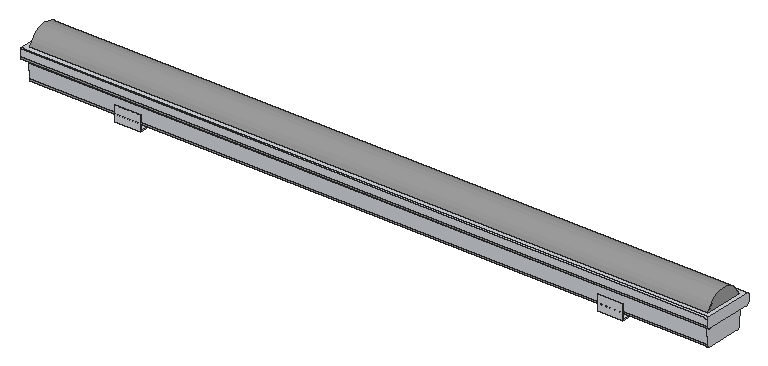
Revit family "0010224", category Lighting Fixtures, host Face, Revit 2018 (continued)
Types (60, lengths in mm): name | Weight | Wattage | TypeName | built-in parameter 1150134 | Photometric Web File | PowerFactor | PowerConsumption | NominalLength | Name | ModelReference | ModelNumber | Model | LuminousEfficacy | built-in parameter 1150105 | Lumens | LampNominalLuminous | LampMacAdamStep | LampColourTemperature | LENGHT_SYL | LENGHT_CHAMFER_SYL | LENGHT-_SYL | LENGHT-_CHAMFER_SYL | L0650_SYL | L1500_SYL | L1200_SYL | built-in parameter 1150107 | built-in parameter 1150106 | built-in parameter 1150104 | DocumentationLiterature | Description | BRACKET_WIDTH_SYL | BRACKET_DIST_SYL | Apparent Load
  0010215 RESISTO 1200 IP66 4800LM 840 QC | "1.61 kg" | 35 W | "Resisto  1200 IP66 4800lm 840 QC" | 12 | "0010215.ies" | 0.95 | "35 W" | 1212 | "Resisto  1200 IP66 4800lm 840 QC" | "Resisto  1200 IP66 4800lm 840 QC" | "0010215" | "Resisto  1200 IP66 4800lm 840 QC" | "137 lm/W" | 1583.6 (stored number, unit not read) | 4795 lm | "4800 lm" | "5" | "4000 K" | 592 | 600 | -592 | -600 | no | no | yes | 4000 (stored number, unit not read) | 15.836 (stored number, unit not read) | 12.728 (stored number, unit not read) | "http://www.sylvania-lighting.com/product/en-int/products/0010215" | "Resisto, integrated LED weatherproof luminaire, with UV stabilized flat diffuser designed to achieve uniform lit appearance, optimise light output and to reduce glare. 301 stainless steel diffuser clips and fixing brackets for surface mounting. Polycarbonate housing and diffuser - no yellow discolouration over time. 4800lm; 35W; 137lm/W; 4000K; SDCM<5; non dimmable; CRI80; IP66; IK08; Class I; 69,000hrs (L80B20) lifespan; 1200mm x 89mm x 88mm; D-mark; assembled with quick connector." | 400 | 444 | 35 VA
  0010214 RESISTO 1200 IP66 2800LM 840 QC | "1.57 kg" | 21 W | "Resisto  1200 IP66 2800lm 840 QC" | 12 | "0010214.ies" | 0.95 | "21 W" | 1212 | "Resisto  1200 IP66 2800lm 840 QC" | "Resisto  1200 IP66 2800lm 840 QC" | "0010214" | "Resisto  1200 IP66 2800lm 840 QC" | "133 lm/W" | 917.95 (stored number, unit not read) | 2793 lm | "2800 lm" | "5" | "4000 K" | 592 | 600 | -592 | -600 | no | no | yes | 4000 (stored number, unit not read) | 9.1795 (stored number, unit not read) | 12.356 (stored number, unit not read) | "http://www.sylvania-lighting.com/product/en-int/products/0010214" | "Resisto, integrated LED weatherproof luminaire, with UV stabilized flat diffuser designed to achieve uniform lit appearance, optimise light output and to reduce glare. 301 stainless steel diffuser clips and fixing brackets for surface mounting. Polycarbonate housing and diffuser - no yellow discolouration over time. 2800lm; 21W; 133lm/W; 4000K; SDCM<5; non dimmable; CRI80; IP66; IK08; Class I; 69,000hrs (L80B20) lifespan; 1200mm x 89mm x 88mm; D-mark; assembled with quick connector." | 400 | 444 | 21 VA
  0010213 RESISTO 1200 IP66 4800LM 865 | "1.54 kg" | 35 W | "Resisto  1200 IP66 4800lm 865" | 1 | "0010213.ies" | 0.95 | "35 W" | 1200 | "Resisto  1200 IP66 4800lm 865" | "Resisto  1200 IP66 4800lm 865" | "0010213" | "Resisto  1200 IP66 4800lm 865" | "137 lm/W" | 1583.6 (stored number, unit not read) | 4795 lm | "4800 lm" | "5" | "6500 K" | 592 | 600 | -592 | -600 | no | no | yes | 6500 (stored number, unit not read) | 15.836 (stored number, unit not read) | 12.728 (stored number, unit not read) | "http://www.sylvania-lighting.com/product/en-int/products/0010213" | "Resisto, integrated LED weatherproof luminaire, with UV stabilized flat diffuser designed to achieve uniform lit appearance, optimise light output and to reduce glare. 301 stainless steel diffuser clips and fixing brackets for surface mounting. Polycarbonate housing and diffuser - no yellow discolouration over time. 4800lm; 35W; 137lm/W; 6500K; SDCM<5; non dimmable; CRI80; IP66; IK08; Class I; 69,000hrs (L80B20) lifespan; 1200mm x 89mm x 88mm; D-mark." | 400 | 444 | 35 VA
  0010212 RESISTO 1200 IP66 2800LM 865 | "1.5 kg" | 21 W | "Resisto  1200 IP66 2800lm 865" | 1 | "0010212.ies" | 0.95 | "21 W" | 1200 | "Resisto  1200 IP66 2800lm 865" | "Resisto  1200 IP66 2800lm 865" | "0010212" | "Resisto  1200 IP66 2800lm 865" | "133 lm/W" | 917.95 (stored number, unit not read) | 2793 lm | "2800 lm" | "5" | "6500 K" | 592 | 600 | -592 | -600 | no | no | yes | 6500 (stored number, unit not read) | 9.1795 (stored number, unit not read) | 12.356 (stored number, unit not read) | "http://www.sylvania-lighting.com/product/en-int/products/0010212" | "Resisto, integrated LED weatherproof luminaire, with UV stabilized flat diffuser designed to achieve uniform lit appearance, optimise light output and to reduce glare. 301 stainless steel diffuser clips and fixing brackets for surface mounting. Polycarbonate housing and diffuser - no yellow discolouration over time. 2800lm; 21W; 133lm/W; 6500K; SDCM<5; non dimmable; CRI80; IP66; IK08; Class I; 69,000hrs (L80B20) lifespan; 1200mm x 89mm x 88mm; D-mark." | 400 | 444 | 21 VA
  0010211 RESISTO 1200 IP66 4800LM 840 | "11.88 kg" | 35 W | "Resisto  1200 IP66 4800lm 840" | 12 | "0010211.ies" | 0.95 | "35.0 W" | 1200 | "Resisto  1200 IP66 4800lm 840" | "Resisto  1200 IP66 4800lm 840" | "0010211" | "Resisto  1200 IP66 4800lm 840" | "137 lm/W" | -7601417.6 (stored number, unit not read) | 4795 lm | "4800 lm" | "5" | "4000 K" | 592 | 600 | -592 | -600 | no | no | yes | 4000 (stored number, unit not read) | -76014.2 (stored number, unit not read) | 12.728 (stored number, unit not read) | "http://www.sylvania-lighting.com/product/en-int/products/0010211" | "Resisto, integrated LED weatherproof luminaire, with UV stabilized flat diffuser designed to achieve uniform lit appearance, optimise light output and to reduce glare. 301 stainless steel diffuser clips and fixing brackets for surface mounting. Polycarbonate housing and diffuser - no yellow discolouration over time. 4800lm; 35W; 137lm/W; 4000K; SDCM<5; non dimmable; CRI80; IP66; IK08; Class I; 69,000hrs (L80B20) lifespan; 1200mm x 89mm x 88mm; D-mark." | 400 | 444 | 35 VA
  0010210 RESISTO 1200 IP66 2800LM 840 | "11.88 kg" | 21 W | "Resisto  1200 IP66 2800lm 840" | 12 | "0010210.ies" | 0.95 | "21.0 W" | 1200 | "Resisto  1200 IP66 2800lm 840" | "Resisto  1200 IP66 2800lm 840" | "0010210" | "Resisto  1200 IP66 2800lm 840" | "133 lm/W" | -2570258.2 (stored number, unit not read) | 2793 lm | "2800 lm" | "5" | "4000 K" | 592 | 600 | -592 | -600 | no | no | yes | 4000 (stored number, unit not read) | -25702.6 (stored number, unit not read) | 12.356 (stored number, unit not read) | "http://www.sylvania-lighting.com/product/en-int/products/0010210" | "Resisto, integrated LED weatherproof luminaire, with UV stabilized flat diffuser designed to achieve uniform lit appearance, optimise light output and to reduce glare. 301 stainless steel diffuser clips and fixing brackets for surface mounting. Polycarbonate housing and diffuser - no yellow discolouration over time. 2800lm; 21W; 133lm/W; 4000K; SDCM<5; non dimmable; CRI80; IP66; IK08; Class I; 69,000hrs (L80B20) lifespan; 1200mm x 89mm x 88mm; D-mark." | 400 | 444 | 21 VA
  0010209 RESISTO 1200 IP66 4800LM 830 | "1.54 kg" | 35 W | "Resisto  1200 IP66 4800lm 830" | (empty or 0) | "0010209.ies" | 0.95 | "35 W" | 1200 | "Resisto  1200 IP66 4800lm 830" | "Resisto  1200 IP66 4800lm 830" | "0010209" | "Resisto  1200 IP66 4800lm 830" | "137 lm/W" | 1583.6 (stored number, unit not read) | 4795 lm | "4800 lm" | "5" | "3000 K" | 592 | 600 | -592 | -600 | no | no | yes | 3000 (stored number, unit not read) | 15.836 (stored number, unit not read) | 12.728 (stored number, unit not read) | "http://www.sylvania-lighting.com/product/en-int/products/0010209" | "Resisto, integrated LED weatherproof luminaire, with UV stabilized flat diffuser designed to achieve uniform lit appearance, optimise light output and to reduce glare. 301 stainless steel diffuser clips and fixing brackets for surface mounting. Polycarbonate housing and diffuser - no yellow discolouration over time. 4800lm; 35W; 137lm/W; 3000K; SDCM<5; non dimmable; CRI80; IP66; IK08; Class I; 69,000hrs (L80B20) lifespan; 1200mm x 89mm x 88mm; D-mark." | 400 | 444 | 35 VA
  0010208 RESISTO 1200 IP66 2800LM 830 | "1.5 kg" | 21 W | "Resisto  1200 IP66 2800lm 830" | (empty or 0) | "0010208.ies" | 0.95 | "21 W" | 1200 | "Resisto  1200 IP66 2800lm 830" | "Resisto  1200 IP66 2800lm 830" | "0010208" | "Resisto  1200 IP66 2800lm 830" | "133 lm/W" | 917.95 (stored number, unit not read) | 2793 lm | "2800 lm" | "5" | "3000 K" | 592 | 600 | -592 | -600 | no | no | yes | 3000 (stored number, unit not read) | 9.1795 (stored number, unit not read) | 12.356 (stored number, unit not read) | "http://www.sylvania-lighting.com/product/en-int/products/0010208" | "Resisto, integrated LED weatherproof luminaire, with UV stabilized flat diffuser designed to achieve uniform lit appearance, optimise light output and to reduce glare. 301 stainless steel diffuser clips and fixing brackets for surface mounting. Polycarbonate housing and diffuser - no yellow discolouration over time. 2800lm; 21W; 133lm/W; 3000K; SDCM<5; non dimmable; CRI80; IP66; IK08; Class I; 69,000hrs (L80B20) lifespan; 1200mm x 89mm x 88mm; D-mark." | 400 | 444 | 21 VA
  0010207 RESISTO 600 HE IP66 2500LM 840 | "0.96 kg" | 16 W | "Resisto  600 HE IP66 2500lm 840" | 12 | "0010207.ies" | 0.95 | "16 W" | 650 | "Resisto  600 HE IP66 2500lm 840" | "Resisto  600 HE IP66 2500lm 840" | "0010207" | "Resisto  600 HE IP66 2500lm 840" | "156 lm/W" | 829.02 (stored number, unit not read) | 2496 lm | "2500 lm" | "3" | "4000 K" | 317 | 325 | -317 | -325 | yes | no | no | 4000 (stored number, unit not read) | 8.2902 (stored number, unit not read) | 14.493 (stored number, unit not read) | "http://www.sylvania-lighting.com/product/en-int/products/0010207" | "Resisto, integrated LED weatherproof luminaire, with UV stabilized flat diffuser designed to achieve uniform lit appearance, optimise light output and to reduce glare. 301 stainless steel diffuser clips and fixing brackets for surface mounting. Polycarbonate housing and diffuser - no yellow discolouration over time. 2500lm; 16W; 156lm/W; 4000K; SDCM<3; non dimmable; CRI80; IP66; IK08; Class I; 69,000hrs (L80B20) lifespan; 650mm x 89mm x 88mm; D-mark." | 125 | 169 | 16 VA
  0010206 RESISTO 600 HE IP66 1400LM 840 | "0.88 kg" | 10 W | "Resisto  600 HE IP66 1400lm 840" | 12 | "0010206.ies" | 0.9 | "10 W" | 650 | "Resisto  600 HE IP66 1400lm 840" | "Resisto  600 HE IP66 1400lm 840" | "0010206" | "Resisto  600 HE IP66 1400lm 840" | "140 lm/W" | 479.25 (stored number, unit not read) | 1400 lm | "1400 lm" | "3" | "4000 K" | 317 | 325 | -317 | -325 | yes | no | no | 4000 (stored number, unit not read) | 4.7925 (stored number, unit not read) | 13.006 (stored number, unit not read) | "http://www.sylvania-lighting.com/product/en-int/products/0010206" | "Resisto, integrated LED weatherproof luminaire, with UV stabilized flat diffuser designed to achieve uniform lit appearance, optimise light output and to reduce glare. 301 stainless steel diffuser clips and fixing brackets for surface mounting. Polycarbonate housing and diffuser - no yellow discolouration over time. 1400lm; 10W; 140lm/W; 4000K; SDCM<3; non dimmable; CRI80; IP66; IK08; Class I; 69,000hrs (L80B20) lifespan; 650mm x 89mm x 88mm; D-mark." | 125 | 169 | 10 VA
  0010205 RESISTO 600 IP66 2500LM 865 | "0.88 kg" | 19 W | "Resisto  600 IP66 2500lm 865" | 1 | "0010205.ies" | 1 | "19 W" | 650 | "Resisto  600 IP66 2500lm 865" | "Resisto  600 IP66 2500lm 865" | "0010205" | "Resisto  600 IP66 2500lm 865" | "132 lm/W" | 833.01 (stored number, unit not read) | 2508 lm | "2500 lm" | "5" | "6500 K" | 317 | 325 | -317 | -325 | yes | no | no | 6500 (stored number, unit not read) | 8.3301 (stored number, unit not read) | 12.263 (stored number, unit not read) | "http://www.sylvania-lighting.com/product/en-int/products/0010205" | "Resisto, integrated LED weatherproof luminaire, with UV stabilized flat diffuser designed to achieve uniform lit appearance, optimise light output and to reduce glare. 301 stainless steel diffuser clips and fixing brackets for surface mounting. Polycarbonate housing and diffuser - no yellow discolouration over time. 2500lm; 19W; 132lm/W; 6500K; SDCM<5; non dimmable; CRI80; IP66; IK08; Class I; 69,000hrs (L80B20) lifespan; 650mm x 89mm x 88mm; D-mark." | 125 | 169 | 19 VA
  0010204 RESISTO 600 IP66 1600LM 865 | "0.88 kg" | 12 W | "Resisto  600 IP66 1600lm 865" | 1 | "0010204.ies" | 0.9 | "12 W" | 650 | "Resisto  600 IP66 1600lm 865" | "Resisto  600 IP66 1600lm 865" | "0010204" | "Resisto  600 IP66 1600lm 865" | "133 lm/W" | 546.34 (stored number, unit not read) | 1596 lm | "1600 lm" | "5" | "6500 K" | 317 | 325 | -317 | -325 | yes | no | no | 6500 (stored number, unit not read) | 5.4634 (stored number, unit not read) | 12.356 (stored number, unit not read) | "http://www.sylvania-lighting.com/product/en-int/products/0010204" | "Resisto, integrated LED weatherproof luminaire, with UV stabilized flat diffuser designed to achieve uniform lit appearance, optimise light output and to reduce glare. 301 stainless steel diffuser clips and fixing brackets for surface mounting. Polycarbonate housing and diffuser - no yellow discolouration over time. 1600lm; 12W; 133lm/W; 6500K; SDCM<5; non dimmable; CRI80; IP66; IK08; Class I; 69,000hrs (L80B20) lifespan; 650mm x 89mm x 88mm; D-mark." | 125 | 169 | 12 VA
  0010203 RESISTO 600 IP66 2500LM 840 | "10.2 kg" | 19 W | "Resisto  600 IP66 2500lm 840" | 12 | "0010203.ies" | 0.95 | "19.0 W" | 650 | "Resisto  600 IP66 2500lm 840" | "Resisto  600 IP66 2500lm 840" | "0010203" | "Resisto  600 IP66 2500lm 840" | "132 lm/W" | -2082492.7 (stored number, unit not read) | 2508 lm | "2500 lm" | "5" | "4000 K" | 317 | 325 | -317 | -325 | yes | no | no | 4000 (stored number, unit not read) | -20824.9 (stored number, unit not read) | 12.263 (stored number, unit not read) | "http://www.sylvania-lighting.com/product/en-int/products/0010203" | "Resisto, integrated LED weatherproof luminaire, with UV stabilized flat diffuser designed to achieve uniform lit appearance, optimise light output and to reduce glare. 301 stainless steel diffuser clips and fixing brackets for surface mounting. Polycarbonate housing and diffuser - no yellow discolouration over time. 2500lm; 19W; 132lm/W; 4000K; SDCM<5; non dimmable; CRI80; IP66; IK08; Class I; 69,000hrs (L80B20) lifespan; 650mm x 89mm x 88mm; D-mark." | 125 | 169 | 19 VA
  0010202 RESISTO 600 IP66 1600LM 840 | "10.2 kg" | 12 W | "Resisto  600 IP66 1600lm 840" | 12 | "0010202.ies" | 0.9 | "12.0 W" | 650 | "Resisto  600 IP66 1600lm 840" | "Resisto  600 IP66 1600lm 840" | "0010202" | "Resisto  600 IP66 1600lm 840" | "133 lm/W" | -874129.2 (stored number, unit not read) | 1596 lm | "1600 lm" | "5" | "4000 K" | 317 | 325 | -317 | -325 | yes | no | no | 4000 (stored number, unit not read) | -8741.3 (stored number, unit not read) | 12.356 (stored number, unit not read) | "http://www.sylvania-lighting.com/product/en-int/products/0010202" | "Resisto, integrated LED weatherproof luminaire, with UV stabilized flat diffuser designed to achieve uniform lit appearance, optimise light output and to reduce glare. 301 stainless steel diffuser clips and fixing brackets for surface mounting. Polycarbonate housing and diffuser - no yellow discolouration over time. 1600lm; 12W; 133lm/W; 4000K; SDCM<5; non dimmable; CRI80; IP66; IK08; Class I; 69,000hrs (L80B20) lifespan; 650mm x 89mm x 88mm; D-mark." | 125 | 169 | 12 VA
  0010279 RESISTO 1500 HE IP66 DALI 8300LM 840 | "2.01 kg" | 54 W | "Resisto 1500 HE IP66 DALI 8300lm 840" | 12 | "0010279.ies" | 0.99 | "54 W" | 1500 | "Resisto 1500 HE IP66 DALI 8300lm 840" | "Resisto 1500 HE IP66 DALI 8300lm 840" | "0010279" | "Resisto 1500 HE IP66 DALI 8300lm 840" | "154 lm/W" | 2773 (stored number, unit not read) | 8316 lm | "8300 lm" | "3" | "4000 K" | 742 | 750 | -742 | -750 | no | yes | no | 4000 (stored number, unit not read) | 27.73 (stored number, unit not read) | 14.307 (stored number, unit not read) | "http://www.sylvania-lighting.com/product/en-int/products/0010279" | "Resisto, integrated LED weatherproof luminaire, with UV stabilized flat diffuser designed to achieve uniform lit appearance, optimise light output and to reduce glare. 301 stainless steel diffuser clips and fixing brackets for surface mounting. Polycarbonate housing and diffuser - no yellow discolouration over time. 8300lm; 54W; 154lm/W; 4000K; SDCM<3; DALI dimmable; CRI80; IP66; IK08; Class I; 69,000hrs (L80B20) lifespan; 1500mm x 89mm x 88mm; D-mark." | 550 | 594 | 54 VA
